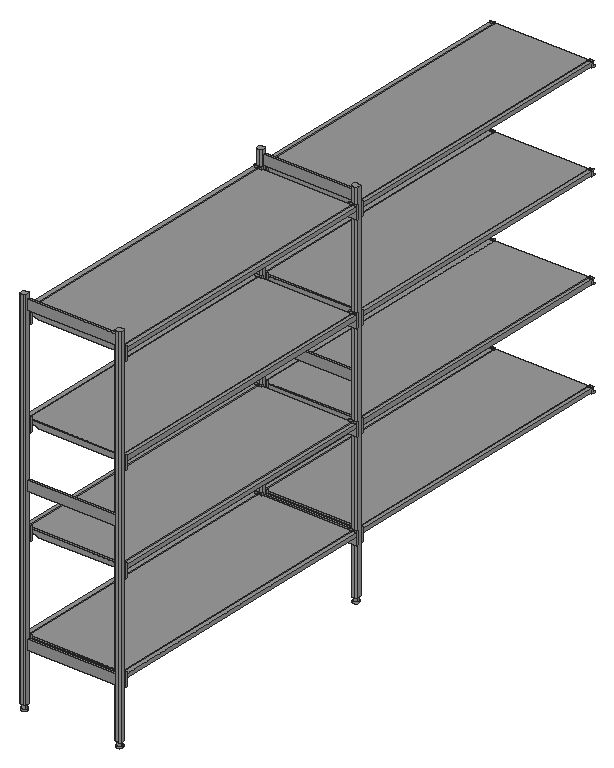
Revit family "QF_ELECTROLUXPROFESSIONAL_137088_CLS2728", category Attrezzature speciali, Revit 2020
Family settings
  Quota connettore circolare = Usa diametro
  Tipo di parte = Normale
  Basato su piano di lavoro = No
  Sempre verticale = Sì
  Taglio con vuoti quando caricato = No
  Condiviso = No
  Punto di calcolo locali = No
Parameters (values of type "Standard")
  Weight = 46.00 kg
  Watts = 0 W
  Volts = 0 V
  URL Manufacturer = "https://www.electroluxprofessional.com/"
  URL = "https://www.electroluxprofessional.com/"
  Steam Supply Size = 0 mm
  Steam Supply Minimum Pressure = 0.0 Pa
  Steam Supply Maximum Pressure = 0.0 Pa
  Steam Consumption per Hour = 0
  Refrigeration Suction Line Size = 0.0 mm
  Refrigeration Liquid Line Size = 0.0 mm
  Refrigerant Compressor Remote = yes
  Prospetto di default = 0.0 mm
  Phase = 0
  Modello = "CLS2728"
  Produttore = "Electrolux Professional"
  Length Actual = 2732.0 mm  # constant formula
  Item Number = "137088"
  Hot Water Size = 0 mm
  Height Actual = 1700.0 mm  # constant formula
  HP = "0 HP"
  Gas Size = 0 mm
  Gas KW = 0
  Gas Input Pressure = 0 W
  Direct Waste Size = 0 mm
  Descrizione = "ALUM.CORNER SHELV.-POLY.TIERS-475X2732MM"
  Depth Actual = 475.0 mm  # constant formula
  Cycle = 0 Hz
  Condensate Return Size = 0 mm
  Compressed Air Volume = 0.0 L/s
  Compressed Air Size = 0 mm
  Compressed Air Pressure = 0.0 Pa
  Cold Water Size = 0 mm
  Accessory = yes
Reference planes
  plane 1: z = 0
  plane 2 "CenterLeft": y = -535.5
  plane 3 "FRONT": y = -921.5
  plane 4 "LEFT": x = 192.5
  plane 5 "RIGHT": x = 667.5
  plane 6 "TOP": z = 1700
  plane 7: y = -889.5
  plane 8: y = 440.5
  plane 9 "Center (Left/Back)": x = 430
  plane 10: x = 256
  plane 11: x = 668
  plane 12 "FEET": z = 25
  plane 13: z = 275
  plane 14: z = 725
  plane 15: z = 1175
  plane 16: z = 1625
  plane 17 "CXLeft": y = -907.5
  plane 18 "Center (Front/Back)": y = 458.5
  plane 19 "CYFront": x = 510
  plane 20: y = 1806.5
  plane 21: y = 476.5
  plane 22 "BACK": y = 1810.5
  plane 23 "LEFT_ORIGIN": x = 158.5
  plane 24 "BACK_ORIGIN": y = 2285.5
Forms (mm)
  Extrusion 1, solid, material "QF_Aluminum"
    sketch origin (38.022, -921.5, -4.006) x (-1, 0, 0) y (0, 0, 1)
      loop
        line (-189.5, 1637.003) -> (-173.5, 1637.003) -> (-173.5, 1655) -> (-175.493, 1655) -> (-175.493, 1648.501) -> (-608.5, 1648.501) -> (-608.5, 1655) -> (-610.5, 1655) -> (-610.5, 1637.003) -> (-594.5, 1637.003) -> (-560.5, 1625) -> (-223.5, 1625) -> (-189.5, 1637.003)
      loop
        line (-189.5, 1187.003) -> (-173.5, 1187.003) -> (-173.5, 1205) -> (-175.493, 1205) -> (-175.493, 1198.501) -> (-608.5, 1198.501) -> (-608.5, 1205) -> (-610.5, 1205) -> (-610.5, 1187.003) -> (-594.5, 1187.003) -> (-560.5, 1175) -> (-223.5, 1175) -> (-189.5, 1187.003)
      loop
        line (-189.5, 737.003) -> (-173.5, 737.003) -> (-173.5, 755) -> (-175.493, 755) -> (-175.493, 748.501) -> (-608.5, 748.501) -> (-608.5, 755) -> (-610.5, 755) -> (-610.5, 737.003) -> (-594.5, 737.003) -> (-560.5, 725) -> (-223.5, 725) -> (-189.5, 737.003)
      loop
        line (-189.5, 287.003) -> (-173.5, 287.003) -> (-173.5, 305) -> (-175.493, 305) -> (-175.493, 298.501) -> (-608.5, 298.501) -> (-608.5, 305) -> (-610.5, 305) -> (-610.5, 287.003) -> (-594.5, 287.003) -> (-560.5, 275) -> (-223.5, 275) -> (-189.5, 287.003)
    from 37 to 32
  Extrusion 2, solid, material "QF_Aluminum"
    sketch origin (38.022, -921.5, 0) x (-1, 0, 0) y (0, 0, 1)
      loop
        line (-154.478, 246.005) -> (-154.478, 307.993) -> (-190.471, 307.993) -> (-190.471, 246.005) -> (-154.478, 246.005)
      loop
        line (-593.484, 246.005) -> (-593.484, 307.993) -> (-629.478, 307.993) -> (-629.478, 246.005) -> (-593.484, 246.005)
      loop
        line (-154.478, 696.005) -> (-154.478, 757.993) -> (-190.471, 757.993) -> (-190.471, 696.005) -> (-154.478, 696.005)
      loop
        line (-593.484, 696.005) -> (-593.484, 757.993) -> (-629.478, 757.993) -> (-629.478, 696.005) -> (-593.484, 696.005)
      loop
        line (-154.478, 1146.005) -> (-154.478, 1207.993) -> (-190.471, 1207.993) -> (-190.471, 1146.005) -> (-154.478, 1146.005)
      loop
        line (-593.484, 1146.005) -> (-593.484, 1207.993) -> (-629.478, 1207.993) -> (-629.478, 1146.005) -> (-593.484, 1146.005)
      loop
        line (-154.478, 1596.005) -> (-154.478, 1657.993) -> (-190.471, 1657.993) -> (-190.471, 1596.005) -> (-154.478, 1596.005)
      loop
        line (-593.484, 1596.005) -> (-593.484, 1657.993) -> (-629.478, 1657.993) -> (-629.478, 1596.005) -> (-593.484, 1596.005)
    from 28 to 32
  Extrusion 3, solid, material "QF_Aluminum"
    sketch origin (38.022, -921.5, 0) x (-1, 0, 0) y (0, 0, 1)
      loop
        line (-154.5, 1650.994) -> (-173.5, 1650.994) -> (-173.5, 1632.998) -> (-154.5, 1632.998) -> (-154.5, 1650.994)
      loop
        line (-154.5, 1200.994) -> (-173.5, 1200.994) -> (-173.5, 1182.998) -> (-154.5, 1182.998) -> (-154.5, 1200.994)
      loop
        line (-154.5, 750.994) -> (-173.5, 750.994) -> (-173.5, 732.998) -> (-154.5, 732.998) -> (-154.5, 750.994)
      loop
        line (-154.5, 300.994) -> (-173.5, 300.994) -> (-173.5, 282.998) -> (-154.5, 282.998) -> (-154.5, 300.994)
      loop
        line (-629.455, 1650.994) -> (-629.455, 1632.998) -> (-610.455, 1632.998) -> (-610.455, 1650.994) -> (-629.455, 1650.994)
      loop
        line (-629.455, 1200.994) -> (-629.455, 1182.998) -> (-610.455, 1182.998) -> (-610.455, 1200.994) -> (-629.455, 1200.994)
      loop
        line (-629.455, 750.994) -> (-629.455, 732.998) -> (-610.455, 732.998) -> (-610.455, 750.994) -> (-629.455, 750.994)
      loop
        line (-629.455, 300.994) -> (-629.455, 282.998) -> (-610.455, 282.998) -> (-610.455, 300.994) -> (-629.455, 300.994)
    from 32 to 1362
  Extrusion 4, solid, material "QF_Polyethylene"
    sketch origin (38.022, -921.5, 0) x (-1, 0, 0) y (0, 0, 1)
      loop
        line (-175.493, 1650.994) -> (-608.5, 1650.994) -> (-608.5, 1644.496) -> (-175.493, 1644.496) -> (-175.493, 1650.994)
      loop
        line (-175.493, 1200.994) -> (-608.5, 1200.994) -> (-608.5, 1194.496) -> (-175.493, 1194.496) -> (-175.493, 1200.994)
      loop
        line (-175.493, 750.994) -> (-608.5, 750.994) -> (-608.5, 744.496) -> (-175.493, 744.496) -> (-175.493, 750.994)
      loop
        line (-175.493, 300.994) -> (-608.5, 300.994) -> (-608.5, 294.496) -> (-175.493, 294.496) -> (-175.493, 300.994)
    from 32 to 1362
  Extrusion 5, solid, material "QF_Aluminum"
    sketch origin (38.022, 684.5, 0) x (-1, 0, 0) y (0, 0, 1)
      loop
        line (-154.5, 1650.994) -> (-173.5, 1650.994) -> (-173.5, 1632.998) -> (-154.5, 1632.998) -> (-154.5, 1650.994)
      loop
        line (-610.455, 1650.994) -> (-629.455, 1650.994) -> (-629.455, 1632.998) -> (-610.455, 1632.998) -> (-610.455, 1650.994)
      loop
        line (-154.5, 1200.994) -> (-173.5, 1200.994) -> (-173.5, 1182.998) -> (-154.5, 1182.998) -> (-154.5, 1200.994)
      loop
        line (-610.455, 1200.994) -> (-629.455, 1200.994) -> (-629.455, 1182.998) -> (-610.455, 1182.998) -> (-610.455, 1200.994)
      loop
        line (-154.5, 750.994) -> (-173.5, 750.994) -> (-173.5, 732.998) -> (-154.5, 732.998) -> (-154.5, 750.994)
      loop
        line (-610.455, 750.994) -> (-629.455, 750.994) -> (-629.455, 732.998) -> (-610.455, 732.998) -> (-610.455, 750.994)
      loop
        line (-154.5, 300.994) -> (-173.5, 300.994) -> (-173.5, 282.998) -> (-154.5, 282.998) -> (-154.5, 300.994)
      loop
        line (-610.455, 300.994) -> (-629.455, 300.994) -> (-629.455, 282.998) -> (-610.455, 282.998) -> (-610.455, 300.994)
    from 1122 to -208
  Extrusion 6, solid, material "QF_Polyethylene"
    sketch origin (38.022, 684.5, 0) x (-1, 0, 0) y (0, 0, 1)
      loop
        line (-175.493, 1650.994) -> (-608.5, 1650.994) -> (-608.5, 1644.496) -> (-175.493, 1644.496) -> (-175.493, 1650.994)
      loop
        line (-175.493, 1200.994) -> (-608.5, 1200.994) -> (-608.5, 1194.496) -> (-175.493, 1194.496) -> (-175.493, 1200.994)
      loop
        line (-175.493, 750.994) -> (-608.5, 750.994) -> (-608.5, 744.496) -> (-175.493, 744.496) -> (-175.493, 750.994)
      loop
        line (-175.493, 300.994) -> (-608.5, 300.994) -> (-608.5, 294.496) -> (-175.493, 294.496) -> (-175.493, 300.994)
    from 1122 to -208
Lines and regions (mm)
  symbolic lines
    curve 1: line (256, -912.5, 1700) -> (668, -912.5, 1700)
    curve 2: line (668, -902.5, 1700) -> (256, -902.5, 1700)
    curve 3: line (192.5, -893.5, 1700) -> (192.5, 444.5, 1700)
    curve 4: line (667.5, -889.5, 1700) -> (667.5, 440.5, 1700)
    curve 5: line (192.5, 472.5, 1700) -> (192.5, 1810.5, 1700)
    curve 6: line (667.5, 472.5, 1700) -> (667.5, 1810.5, 1700)
    curve 7: line (648.478, 440.5, 1700) -> (648.478, -889.5, 1700)
    curve 8: line (211.522, -889.5, 1700) -> (211.522, 440.5, 1700)
    curve 9: line (211.522, 476.5, 1700) -> (211.522, 1806.5, 1700)
    curve 10: line (648.478, 1806.5, 1700) -> (648.478, 476.5, 1700)
Dimensions and locks
  plane 3 "FRONT" to plane 2 "CenterLeft" = 386.0 mm
  locked: plane 6 "TOP" to level at 1700
  locked: plane 7 to plane 8 at 1330
  locked: plane 10 to plane 11 at 412
  plane 10 to plane 9 "Center (Left/Back)" to plane 11 = 174.0 mm, 238.0 mm
  equal spacing: plane 4 "LEFT", plane 9 "Center (Left/Back)", plane 5 "RIGHT"
  plane 12 "FEET" to level = 25.0 mm
  plane 6 "TOP" to plane 12 "FEET" = 1675.0 mm
  plane 13 to plane 12 "FEET" = 250.0 mm
  plane 14 to plane 13 = 450.0 mm
  plane 15 to plane 14 = 450.0 mm
  plane 16 to plane 15 = 450.0 mm
  locked: plane 21 to plane 20 at 1330
  locked: plane 8 to plane 18 "Center (Front/Back)" at 18
  locked: plane 18 "Center (Front/Back)" to plane 21 at 18
  locked: plane 3 "FRONT" to plane 7 at 32
  locked: plane 4 "LEFT" to plane 5 "RIGHT" at 475
  locked: plane 23 "LEFT_ORIGIN" to plane 5 "RIGHT" at 509
  locked: plane 22 "BACK" to plane 24 "BACK_ORIGIN" at 475
  locked: plane 22 "BACK" to plane 3 "FRONT" at 2732
  aligned and locked: level to plane 1
  aligned and locked: Extrusion 1 to plane 7
  aligned and locked: plane 7 to Extrusion 2
  aligned and locked: Extrusion 4 to plane 7
  aligned and locked: plane 8 to Extrusion 4
  aligned and locked: Extrusion 3 to plane 7
  aligned and locked: plane 8 to Extrusion 3
  aligned and locked: Extrusion 1 sketch curve to Extrusion 1 sketch curve  (x3)
  aligned and locked: Extrusion 5 sketch curve to Extrusion 5 sketch curve  (x2)
  aligned and locked: Extrusion 5 to plane 21  (x5)
  aligned and locked: Extrusion 6 to plane 21  (x5)
  aligned and locked: nested 2 to plane 18 "Center (Front/Back)"
  aligned and locked: plane 17 "CXLeft" to nested 1
  aligned and locked: plane 7 to Extrusion 3  (x3)
  aligned and locked: Extrusion 3 to plane 8  (x4)
  aligned and locked: Extrusion 4 to plane 8  (x4)
  aligned and locked: plane 20 to Extrusion 5
  aligned and locked: plane 20 to Extrusion 6
  aligned and locked: Extrusion 5 to plane 20  (x3)
  aligned and locked: Extrusion 6 to plane 20  (x3)
  aligned and locked: plane 9 "Center (Left/Back)" to nested 2
  aligned and locked: nested 3 to plane 22 "BACK"
Automatic sketch dimensions
  Extrusion 1 sketch curve to plane 19 "CYFront" = 138.522 mm  (x4)
  plane 11 to Extrusion 1 sketch curve = 35.478 mm  (x4)
  Extrusion 1 sketch curve to plane 13 = 4.006 mm
  Extrusion 1 sketch curve to Extrusion 1 sketch curve = 34.0 mm  (x4)
  Extrusion 1 sketch curve to plane 14 = 4.006 mm
  Extrusion 1 sketch curve to plane 15 = 4.006 mm
  Extrusion 1 sketch curve to plane 16 = 4.006 mm
  Extrusion 1 sketch curve to plane 10 = 5.522 mm  (x4)
  plane 10 to Extrusion 1 sketch curve = 28.478 mm  (x4)
  plane 13 to Extrusion 1 sketch curve = 7.998 mm  (x2)
  Extrusion 1 sketch curve to Extrusion 1 sketch curve = 11.498 mm  (x4)
  Extrusion 1 sketch curve to Extrusion 1 sketch curve = 6.499 mm  (x8)
  plane 14 to Extrusion 1 sketch curve = 7.998 mm  (x2)
  plane 15 to Extrusion 1 sketch curve = 7.998 mm  (x2)
  plane 16 to Extrusion 1 sketch curve = 7.998 mm  (x2)
  plane 5 "RIGHT" to Extrusion 2 sketch curve = 35.993 mm  (x4)
  Extrusion 2 sketch curve to plane 4 "LEFT" = 0.0 mm  (x4)
  plane 11 to Extrusion 2 sketch curve = 0.5 mm  (x4)
  plane 10 to Extrusion 2 sketch curve = 27.507 mm  (x4)
  Extrusion 2 sketch curve to plane 13 = 28.995 mm  (x2)
  plane 13 to Extrusion 2 sketch curve = 32.993 mm  (x2)
  Extrusion 2 sketch curve to plane 14 = 28.995 mm  (x2)
  plane 14 to Extrusion 2 sketch curve = 32.993 mm  (x2)
  Extrusion 2 sketch curve to plane 15 = 28.995 mm  (x2)
  plane 15 to Extrusion 2 sketch curve = 32.993 mm  (x2)
  Extrusion 2 sketch curve to plane 16 = 28.995 mm  (x2)
  plane 16 to Extrusion 2 sketch curve = 32.993 mm  (x2)
  plane 13 to Extrusion 4 sketch curve = 19.496 mm
  Extrusion 4 sketch curve to Extrusion 4 sketch curve = 6.499 mm  (x4)
  plane 14 to Extrusion 4 sketch curve = 19.496 mm
  plane 15 to Extrusion 4 sketch curve = 19.496 mm
  plane 16 to Extrusion 4 sketch curve = 19.496 mm
  plane 5 "RIGHT" to Extrusion 5 sketch curve = 0.022 mm  (x4)
  Extrusion 5 sketch curve to plane 4 "LEFT" = 19.022 mm  (x4)
  Extrusion 5 sketch curve to plane 19 "CYFront" = 138.478 mm  (x2)
  plane 13 to Extrusion 5 sketch curve = 7.998 mm  (x2)
  Extrusion 5 sketch curve to Extrusion 5 sketch curve = 17.997 mm  (x8)
  plane 14 to Extrusion 5 sketch curve = 7.998 mm  (x2)
  plane 15 to Extrusion 5 sketch curve = 7.998 mm  (x2)
  plane 16 to Extrusion 5 sketch curve = 7.998 mm  (x2)
  Extrusion 6 sketch curve to plane 19 "CYFront" = 136.522 mm  (x4)
  plane 13 to Extrusion 6 sketch curve = 19.496 mm
  Extrusion 6 sketch curve to Extrusion 6 sketch curve = 6.499 mm  (x4)
  plane 14 to Extrusion 6 sketch curve = 19.496 mm
  plane 15 to Extrusion 6 sketch curve = 19.496 mm
  plane 16 to Extrusion 6 sketch curve = 19.496 mm
  plane 5 "RIGHT" to Extrusion 3 sketch curve = 0.022 mm  (x4)
  Extrusion 3 sketch curve to Extrusion 3 sketch curve = 19.0 mm  (x4)
  plane 14 to Extrusion 3 sketch curve = 7.998 mm  (x2)
  plane 10 to Extrusion 3 sketch curve = 44.478 mm  (x4)
  Extrusion 3 sketch curve to plane 4 "LEFT" = 0.022 mm  (x4)
  plane 13 to Extrusion 3 sketch curve = 25.994 mm  (x2)
  plane 13 to Extrusion 3 sketch curve = 7.998 mm  (x2)
  Extrusion 3 sketch curve to Extrusion 3 sketch curve = 17.997 mm  (x6)
  plane 15 to Extrusion 3 sketch curve = 7.998 mm  (x2)
  plane 16 to Extrusion 3 sketch curve = 7.998 mm  (x2)
  plane 10 to Extrusion 1 sketch curve = 42.484 mm  (x4)
  plane 10 to Extrusion 1 sketch curve = 44.478 mm  (x2)
  Extrusion 1 sketch curve to Extrusion 1 sketch curve = 1.993 mm  (x2)
  plane 10 to Extrusion 4 sketch curve = 42.484 mm  (x4)
  Extrusion 5 sketch curve to plane 4 "LEFT" = 0.022 mm  (x4)
  plane 10 to Extrusion 6 sketch curve = 42.484 mm  (x4)
  Extrusion 1 sketch curve to Extrusion 1 sketch curve = 2.0 mm
  plane 5 "RIGHT" to Extrusion 4 sketch curve = 20.978 mm  (x4)
  curve 1 to plane 11 = 0.0 mm
  curve 1 to plane 10 = 0.0 mm
  curve 2 to plane 10 = 0.0 mm
  curve 2 to plane 11 = 0.0 mm
  curve 3 to plane 4 "LEFT" = 0.0 mm
  curve 4 to plane 5 "RIGHT" = 0.0 mm
  plane 7 to curve 4 = 0.0 mm
  plane 7 to curve 8 = 0.0 mm
  plane 8 to curve 8 = 0.0 mm
  plane 8 to curve 7 = 0.0 mm
  plane 8 to curve 4 = 0.0 mm
  curve 5 to plane 4 "LEFT" = 0.0 mm
  curve 6 to plane 5 "RIGHT" = 0.0 mm
  plane 20 to curve 9 = 0.0 mm
  plane 22 "BACK" to curve 5 = 0.0 mm
  plane 22 "BACK" to curve 6 = 0.0 mm
  plane 7 to curve 3 = 4.0 mm
  plane 17 "CXLeft" to curve 2 = 5.0 mm
  curve 1 to plane 17 "CXLeft" = 5.0 mm
  curve 3 to plane 8 = 4.0 mm
  curve 6 to plane 21 = 4.0 mm
  curve 9 to plane 4 "LEFT" = 19.022 mm
  curve 8 to plane 4 "LEFT" = 19.022 mm
  curve 9 to plane 21 = 0.0 mm
  plane 21 to curve 10 = 0.0 mm
  curve 5 to plane 21 = 4.0 mm
  plane 7 to curve 7 = 0.0 mm
  curve 4 to curve 7 = 19.022 mm
  plane 20 to curve 10 = 0.0 mm
  plane 5 "RIGHT" to curve 10 = 19.022 mm
Nested families
  nested 1: "WT_Anta475" at (215.5, -504.5, 0) x (0, 1, 0) z (0, 0, 1), type "WT_Anta475"
  nested 2: "WT_Anta475Center" at (215.5, 861.5, 0) x (0, 1, 0) z (0, 0, 1), type "WT_Anta475Center"
  nested 3: "WT_Aggancio475" at (215.5, 2218.5, 0) x (0, 1, 0) z (0, 0, 1), type "WT_Aggancio475"
Definition of nested family "WT_Anta475"
  Parameters
    WidthLeft = A + 64.0 mm  # 772.0 mm
    Width = 1606.0 mm
    Right = WidthLeft / 2  # 386.0 mm
    Default Elevation = 0.0 mm
    Left = -WidthLeft / 2  # -386.0 mm
    Height = 1725.0 mm
    FEET = 25.0 mm
    E = 0.0 mm
    Dint = Depth - 63.0 mm  # 412.0 mm
    Dext = Depth - 8.0 mm  # 467.0 mm
    Depth = 475.0 mm
    DX = (WidthLeft - A) / 2  # 32.0 mm
    B = 798.0 mm
    A = 708.0 mm
  Reference planes
    plane 1: z = 0
    plane 2 "LEFT": x = -417
    plane 3 "BACK": y = 23
    plane 4 "FRONT": y = -452
    plane 5 "TOP": z = 1725
    plane 6 "Center (Front/Back)": y = -214.5
    plane 7: y = -8.5
    plane 8: y = -420.5
    plane 9 "FEET": z = 25
    plane 10: z = 275
    plane 11: z = 725
    plane 12: z = 1175
    plane 13: z = 1625
    plane 14 "CXLeft": x = -403
    plane 15: y = 5.5
    plane 16 "CYBack": y = 5.5
    plane 17 "CYFront": y = -434.5
    plane 18: x = -385.031
    plane 19: x = -380.031
  Forms (mm)
    Extrusion 1, solid
      sketch origin (0, 0, 0) x (1, 0, 0) y (0, 1, 0)
        loop
          line (-417, 13.246) -> (-417, -2.246) -> (-410.746, -8.5) -> (-395.254, -8.5) -> (-389, -2.246) -> (-389, 13.246) -> (-395.254, 19.5) -> (-410.746, 19.5) -> (-417, 13.246)
      from 1725 to 25
    Extrusion 2, solid
      sketch origin (-417, 0, 0) x (0, 1, 0) y (0, 0, 1)
        loop
          line (23, 246.005) -> (23, 307.993) -> (-12.993, 307.993) -> (-12.993, 246.005) -> (23, 246.005)
        loop
          line (-452, 246.005) -> (-416.007, 246.005) -> (-416.007, 307.993) -> (-452, 307.993) -> (-452, 246.005)
        loop
          line (23, 696.005) -> (23, 757.993) -> (-12.993, 757.993) -> (-12.993, 696.005) -> (23, 696.005)
        loop
          line (-452, 696.005) -> (-416.007, 696.005) -> (-416.007, 757.993) -> (-452, 757.993) -> (-452, 696.005)
        loop
          line (23, 1146.005) -> (23, 1207.993) -> (-12.993, 1207.993) -> (-12.993, 1146.005) -> (23, 1146.005)
        loop
          line (-452, 1146.005) -> (-416.007, 1146.005) -> (-416.007, 1207.993) -> (-452, 1207.993) -> (-452, 1146.005)
        loop
          line (23, 1596.005) -> (23, 1657.993) -> (-12.993, 1657.993) -> (-12.993, 1596.005) -> (23, 1596.005)
        loop
          line (-452, 1596.005) -> (-416.007, 1596.005) -> (-416.007, 1657.993) -> (-452, 1657.993) -> (-452, 1596.005)
      from 28 to 32
    Revolve 3, solid
      sketch origin (-403, 0, 0) x (0, 1, 0) y (0, 0, 1)
        loop
          line (5.5, 25) -> (5.5, 0) -> (19, 0) -> (19, 5) -> (14, 5) -> (14, 25) -> (5.5, 25)
        axis (5.5, 25) -> (5.5, 0)
      angle from 0 to 360
    Extrusion 4, solid
      sketch origin (-403, 0, 0) x (0, 1, 0) y (0, 0, 1)
        loop
          line (-8.5, 912.382) -> (-8.5, 957.374) -> (-420.5, 957.374) -> (-420.5, 912.382) -> (-8.5, 912.382)
        loop
          line (-8.5, 1662.244) -> (-8.5, 1707.236) -> (-420.5, 1707.236) -> (-420.5, 1662.244) -> (-8.5, 1662.244)
      from -5 to 5
    Revolve 5, solid
      sketch origin (-403, -627, 0) x (0, -1, 0) y (0, 0, 1)
        loop
          line (-192.5, 25) -> (-192.5, 0) -> (-179, 0) -> (-179, 5) -> (-184, 5) -> (-184, 25) -> (-192.5, 25)
        axis (-192.5, 25) -> (-192.5, 0)
      angle from 0 to 360
    Extrusion 6, solid
      sketch origin (0, -627, 0) x (1, 0, 0) y (0, 1, 0)
        loop
          line (-417, 184.754) -> (-410.746, 178.5) -> (-395.254, 178.5) -> (-389, 184.754) -> (-389, 200.246) -> (-395.254, 206.5) -> (-410.746, 206.5) -> (-417, 200.246) -> (-417, 184.754)
      from 1725 to 25
    Extrusion 7, solid
      sketch origin (-417.031, -0.022, 0) x (0, 1, 0) y (0, 0, -1)
        loop
          line (-12, -1632.998) -> (-46, -1620.994) -> (-383, -1620.994) -> (-417, -1632.998) -> (-433, -1632.998) -> (-433, -1650.994) -> (-431, -1650.994) -> (-431, -1644.496) -> (2.007, -1644.496) -> (2.007, -1650.994) -> (4, -1650.994) -> (4, -1632.998) -> (-12, -1632.998)
        loop
          line (-12, -1182.998) -> (-46, -1170.994) -> (-383, -1170.994) -> (-417, -1182.998) -> (-433, -1182.998) -> (-433, -1200.994) -> (-431, -1200.994) -> (-431, -1194.496) -> (2.007, -1194.496) -> (2.007, -1200.994) -> (4, -1200.994) -> (4, -1182.998) -> (-12, -1182.998)
        loop
          line (-12, -732.998) -> (-46, -720.994) -> (-383, -720.994) -> (-417, -732.998) -> (-433, -732.998) -> (-433, -750.994) -> (-431, -750.994) -> (-431, -744.496) -> (2.007, -744.496) -> (2.007, -750.994) -> (4, -750.994) -> (4, -732.998) -> (-12, -732.998)
        loop
          line (-12, -282.998) -> (-46, -270.994) -> (-383, -270.994) -> (-417, -282.998) -> (-433, -282.998) -> (-433, -300.994) -> (-431, -300.994) -> (-431, -294.496) -> (2.007, -294.496) -> (2.007, -300.994) -> (4, -300.994) -> (4, -282.998) -> (-12, -282.998)
      from -32 to -37
    Extrusion 8, solid
      sketch origin (-403, 0, -659.878) x (0, 1, 0) y (0, 0, 1)
        loop
          line (-8.5, 912.382) -> (-8.5, 957.374) -> (-420.5, 957.374) -> (-420.5, 912.382) -> (-8.5, 912.382)
        loop
          line (-8.5, 1572.382) -> (-8.5, 1617.374) -> (-420.5, 1617.374) -> (-420.5, 1572.382) -> (-8.5, 1572.382)
        loop
          line (-8.5, 2322.382) -> (-8.5, 2367.374) -> (-420.5, 2367.374) -> (-420.5, 2322.382) -> (-8.5, 2322.382)
      from -5 to 5
  Lines and regions (mm)
    symbolic lines
      curve 1: line (-408, -8.5, 1725) -> (-408, -420.5, 1725)
      curve 2: line (-398, -420.5, 1725) -> (-398, -8.5, 1725)
      curve 3: line (-395.254, -8.5, 1725) -> (-410.746, -8.5, 1725)
      curve 4: line (-417, -2.246, 1725) -> (-410.746, -8.5, 1725)
      curve 5: line (-417, 13.246, 1725) -> (-417, -2.246, 1725)
      curve 6: line (-410.746, 19.5, 1725) -> (-417, 13.246, 1725)
      curve 7: line (-395.254, 19.5, 1725) -> (-410.746, 19.5, 1725)
      curve 8: line (-389, 13.246, 1725) -> (-395.254, 19.5, 1725)
      curve 9: line (-395.254, -8.5, 1725) -> (-389, -2.246, 1725)
      curve 10: line (-395.254, -420.5, 1725) -> (-410.746, -420.5, 1725)
      curve 11: line (-417, -426.754, 1725) -> (-410.746, -420.5, 1725)
      curve 12: line (-410.746, -448.5, 1725) -> (-417, -442.246, 1725)
      curve 13: line (-395.254, -448.5, 1725) -> (-410.746, -448.5, 1725)
      curve 14: line (-389, -442.246, 1725) -> (-395.254, -448.5, 1725)
      curve 15: line (-395.254, -420.5, 1725) -> (-389, -426.754, 1725)
      curve 16: line (-389, -452, 1725) -> (-389, -416.007, 1725)
      curve 17: line (-389, -416.007, 1725) -> (-385, -416.007, 1725)
      curve 18: line (-389, 23, 1725) -> (-389, -12.993, 1725)
      curve 19: line (-389, -12.993, 1725) -> (-385, -12.993, 1725)
      curve 20: line (-417, -426.754, 1725) -> (-417, -442.246, 1725)
      curve 21: line (-385, -452, 1725) -> (-385, -416.007, 1725)
      curve 22: line (-385, -452, 1725) -> (-389, -452, 1725)
      curve 23: line (-385, 23, 1725) -> (-389, 23, 1725)
      curve 24: line (-385, -12.993, 1725) -> (-385, 23, 1725)
      curve 25: line (-385.031, -13.016, 1725) -> (-385.031, -416.029, 1725)
  Dimensions and locks
    "Height": plane 5 "TOP" to level
    "Depth": plane 3 "BACK" to plane 4 "FRONT"
    "Dint": plane 7 to plane 8
    equal spacing: plane 7, plane 6 "Center (Front/Back)", plane 8
    equal spacing: plane 3 "BACK", plane 6 "Center (Front/Back)", plane 4 "FRONT"
    plane 9 "FEET" to level = 25.0 mm
    plane 5 "TOP" to plane 9 "FEET" = 1700.0 mm
    plane 10 to plane 9 "FEET" = 250.0 mm
    plane 11 to plane 10 = 450.0 mm
    plane 12 to plane 11 = 450.0 mm
    plane 13 to plane 12 = 450.0 mm
    locked: plane 2 "LEFT" to plane 14 "CXLeft" at 14
    locked: plane 3 "BACK" to plane 16 "CYBack" at 17.5
    locked: plane 17 "CYFront" to plane 4 "FRONT" at 17.5
    locked: Revolve 3 sketch curve to Revolve 3 sketch curve at 8.5
    locked: Revolve 3 sketch curve to plane 16 "CYBack" at 13.5
    locked: Revolve 5 sketch curve to Revolve 5 sketch curve at 8.5
    aligned and locked: level to plane 1
    aligned and locked: curve 20 to Extrusion 6
    aligned and locked: plane 5 "TOP" to Extrusion 1
    aligned and locked: plane 5 "TOP" to Extrusion 6
    aligned and locked: Extrusion 7 sketch curve to Extrusion 7 sketch curve  (x3)
  Automatic sketch dimensions
    curve 16 to plane 4 "FRONT" = 0.0 mm
    curve 11 to plane 8 = 0.0 mm
    curve 9 to plane 7 = 0.0 mm
    curve 5 to plane 2 "LEFT" = 0.0 mm
    curve 23 to plane 3 "BACK" = 0.0 mm
    plane 4 "FRONT" to curve 13 = 3.5 mm
    curve 20 to plane 17 "CYFront" = 7.746 mm
    curve 20 to plane 8 = 6.254 mm
    plane 8 to curve 16 = 4.493 mm
    curve 24 to plane 18 = 0.031 mm
    curve 24 to plane 7 = 4.493 mm
    plane 7 to curve 5 = 6.254 mm
    curve 5 to plane 15 = 7.746 mm
    curve 6 to plane 3 "BACK" = 3.5 mm
    curve 21 to plane 18 = 0.031 mm
    plane 18 to curve 23 = 3.969 mm
    plane 18 to curve 16 = 3.969 mm
    curve 18 to curve 8 = 6.254 mm
    curve 18 to curve 3 = 6.254 mm
    curve 16 to curve 13 = 6.254 mm
    curve 16 to curve 15 = 6.254 mm
    plane 2 "LEFT" to curve 10 = 6.254 mm
    plane 2 "LEFT" to curve 7 = 6.254 mm
    plane 2 "LEFT" to curve 12 = 6.254 mm
    plane 2 "LEFT" to curve 3 = 6.254 mm
    curve 14 to plane 17 "CYFront" = 7.746 mm
    curve 15 to plane 8 = 6.254 mm
    plane 7 to curve 9 = 6.254 mm
    curve 8 to plane 15 = 7.746 mm
    curve 3 to curve 2 = 2.746 mm
    curve 1 to curve 10 = 2.746 mm
    Extrusion 1 sketch curve to plane 2 "LEFT" = 0.0 mm
    Extrusion 1 sketch curve to plane 7 = 0.0 mm
    plane 2 "LEFT" to Extrusion 1 sketch curve = 6.254 mm  (x2)
    plane 14 "CXLeft" to Extrusion 1 sketch curve = 7.746 mm  (x2)
    Extrusion 1 sketch curve to plane 3 "BACK" = 3.5 mm
    plane 18 to Extrusion 1 sketch curve = 3.969 mm
    plane 7 to Extrusion 1 sketch curve = 6.254 mm  (x2)
    Extrusion 1 sketch curve to plane 15 = 7.746 mm  (x2)
    Extrusion 2 sketch curve to plane 4 "FRONT" = 0.0 mm  (x4)
    Extrusion 2 sketch curve to plane 3 "BACK" = 0.0 mm  (x4)
    plane 8 to Extrusion 2 sketch curve = 4.493 mm  (x4)
    Extrusion 2 sketch curve to plane 7 = 4.493 mm  (x4)
    Extrusion 2 sketch curve to plane 10 = 28.995 mm  (x2)
    plane 10 to Extrusion 2 sketch curve = 32.993 mm  (x2)
    Extrusion 2 sketch curve to plane 11 = 28.995 mm  (x2)
    plane 11 to Extrusion 2 sketch curve = 32.993 mm  (x2)
    Extrusion 2 sketch curve to plane 12 = 28.995 mm  (x2)
    plane 12 to Extrusion 2 sketch curve = 32.993 mm  (x2)
    Extrusion 2 sketch curve to plane 13 = 28.995 mm  (x2)
    plane 13 to Extrusion 2 sketch curve = 32.993 mm  (x2)
    Revolve 3 sketch curve to plane 9 "FEET" = 0.0 mm  (x2)
    Revolve 3 sketch curve to plane 15 = 0.0 mm  (x2)
    Revolve 3 sketch curve to level = 0.0 mm
    level to Revolve 3 sketch curve = 5.0 mm
    Revolve 3 sketch curve to Revolve 3 sketch curve = 11.655 mm
    Extrusion 4 sketch curve to plane 8 = 0.0 mm  (x2)
    Extrusion 4 sketch curve to plane 7 = 0.0 mm  (x2)
    plane 11 to Extrusion 4 sketch curve = 187.382 mm
    Extrusion 4 sketch curve to Extrusion 4 sketch curve = 44.992 mm
    plane 13 to Extrusion 4 sketch curve = 37.244 mm
    Extrusion 4 sketch curve to plane 5 "TOP" = 17.764 mm
    Revolve 5 sketch curve to plane 9 "FEET" = 0.0 mm  (x2)
    Revolve 5 sketch curve to plane 17 "CYFront" = 0.0 mm  (x2)
    Revolve 5 sketch curve to level = 0.0 mm
    Revolve 5 sketch curve to plane 4 "FRONT" = 4.0 mm
    Revolve 5 sketch curve to Revolve 5 sketch curve = 5.0 mm
    level to Revolve 5 sketch curve = 11.655 mm
    Extrusion 6 sketch curve to plane 2 "LEFT" = 0.0 mm
    Extrusion 6 sketch curve to plane 8 = 0.0 mm
    Extrusion 6 sketch curve to plane 2 "LEFT" = 6.254 mm  (x2)
    Extrusion 6 sketch curve to plane 14 "CXLeft" = 7.746 mm  (x2)
    Extrusion 6 sketch curve to plane 4 "FRONT" = 3.5 mm
    Extrusion 6 sketch curve to plane 18 = 3.969 mm
    plane 8 to Extrusion 6 sketch curve = 6.254 mm  (x2)
    plane 17 "CYFront" to Extrusion 6 sketch curve = 7.746 mm  (x2)
    plane 17 "CYFront" to Extrusion 7 sketch curve = 1.478 mm  (x4)
    Extrusion 7 sketch curve to Extrusion 7 sketch curve = 2.0 mm
    plane 8 to Extrusion 7 sketch curve = 3.478 mm  (x4)
    Extrusion 7 sketch curve to plane 10 = 4.006 mm
    Extrusion 7 sketch curve to Extrusion 7 sketch curve = 34.0 mm  (x4)
    Extrusion 7 sketch curve to plane 11 = 4.006 mm
    Extrusion 7 sketch curve to plane 12 = 4.006 mm
    Extrusion 7 sketch curve to plane 13 = 4.006 mm
    Extrusion 7 sketch curve to plane 7 = 37.522 mm  (x4)
    Extrusion 7 sketch curve to plane 7 = 3.522 mm  (x4)
    plane 15 to Extrusion 7 sketch curve = 3.516 mm  (x4)
    plane 15 to Extrusion 7 sketch curve = 1.522 mm  (x4)
    plane 13 to Extrusion 7 sketch curve = 7.998 mm  (x2)
    Extrusion 7 sketch curve to Extrusion 7 sketch curve = 11.498 mm
    Extrusion 7 sketch curve to Extrusion 7 sketch curve = 6.499 mm  (x5)
    plane 12 to Extrusion 7 sketch curve = 25.994 mm  (x2)
    plane 12 to Extrusion 7 sketch curve = 7.998 mm  (x2)
    plane 11 to Extrusion 7 sketch curve = 25.994 mm  (x2)
    plane 11 to Extrusion 7 sketch curve = 7.998 mm  (x2)
    plane 10 to Extrusion 7 sketch curve = 25.994 mm  (x2)
    plane 10 to Extrusion 7 sketch curve = 7.998 mm  (x2)
    curve 25 to plane 18 = 0.0 mm
    plane 8 to curve 25 = 4.471 mm
    curve 25 to plane 7 = 4.516 mm
    Extrusion 8 sketch curve to plane 8 = 0.0 mm  (x3)
    Extrusion 8 sketch curve to plane 7 = 0.0 mm  (x3)
    Extrusion 8 sketch curve to plane 10 = 22.496 mm
    plane 10 to Extrusion 8 sketch curve = 22.496 mm
    plane 11 to Extrusion 8 sketch curve = 187.504 mm
    Extrusion 8 sketch curve to Extrusion 8 sketch curve = 44.992 mm
    plane 13 to Extrusion 8 sketch curve = 37.504 mm
    Extrusion 8 sketch curve to plane 5 "TOP" = 17.504 mm
Definition of nested family "WT_Anta475Center"
  Parameters
    WidthLeft = A + 64.0 mm  # 772.0 mm
    Width = 1606.0 mm
    Right = WidthLeft / 2  # 386.0 mm
    Default Elevation = 0.0 mm
    Left = -WidthLeft / 2  # -386.0 mm
    Height = 1725.0 mm
    FEET = 25.0 mm
    E = 0.0 mm
    Dint = Depth - 63.0 mm  # 412.0 mm
    Dext = Depth - 8.0 mm  # 467.0 mm
    Depth = 475.0 mm
    DX = (WidthLeft - A) / 2  # 32.0 mm
    B = 798.0 mm
    A = 708.0 mm
  Reference planes
    plane 1: z = 0
    plane 2 "L": x = -417
    plane 3 "BACK": y = 23
    plane 4 "FRONT": y = -452
    plane 5 "TOP": z = 1725
    plane 6 "Center (Front/Back)": y = -214.5
    plane 7: y = -8.5
    plane 8: y = -420.5
    plane 9 "FEET": z = 25
    plane 10: z = 275
    plane 11: z = 725
    plane 12: z = 1175
    plane 13: z = 1625
    plane 14 "CXLeft": x = -403
    plane 15: y = 5.5
    plane 16 "CYBack": y = 5.5
    plane 17 "CYFront": y = -434.5
    plane 18: x = -385.031
    plane 19 "RIGHT": x = -380.031
    plane 20: x = -420.969
    plane 21 "LEFT": x = -425.969
  Forms (mm)
    Extrusion 1, solid
      sketch origin (0, 0, 0) x (1, 0, 0) y (0, 1, 0)
        loop
          line (-417, 13.246) -> (-417, -2.246) -> (-410.746, -8.5) -> (-395.254, -8.5) -> (-389, -2.246) -> (-389, 13.246) -> (-395.254, 19.5) -> (-410.746, 19.5) -> (-417, 13.246)
      from 1725 to 25
    Extrusion 2, solid
      sketch origin (-417, 0, 0) x (0, 1, 0) y (0, 0, 1)
        loop
          line (23, 246.005) -> (23, 307.993) -> (-12.993, 307.993) -> (-12.993, 246.005) -> (23, 246.005)
        loop
          line (-452, 246.005) -> (-416.007, 246.005) -> (-416.007, 307.993) -> (-452, 307.993) -> (-452, 246.005)
        loop
          line (23, 696.005) -> (23, 757.993) -> (-12.993, 757.993) -> (-12.993, 696.005) -> (23, 696.005)
        loop
          line (-452, 696.005) -> (-416.007, 696.005) -> (-416.007, 757.993) -> (-452, 757.993) -> (-452, 696.005)
        loop
          line (23, 1146.005) -> (23, 1207.993) -> (-12.993, 1207.993) -> (-12.993, 1146.005) -> (23, 1146.005)
        loop
          line (-452, 1146.005) -> (-416.007, 1146.005) -> (-416.007, 1207.993) -> (-452, 1207.993) -> (-452, 1146.005)
        loop
          line (23, 1596.005) -> (23, 1657.993) -> (-12.993, 1657.993) -> (-12.993, 1596.005) -> (23, 1596.005)
        loop
          line (-452, 1596.005) -> (-416.007, 1596.005) -> (-416.007, 1657.993) -> (-452, 1657.993) -> (-452, 1596.005)
      from 28 to 32
    Revolve 3, solid
      sketch origin (-403, 0, 0) x (0, 1, 0) y (0, 0, 1)
        loop
          line (5.5, 25) -> (5.5, 0) -> (19, 0) -> (19, 5) -> (14, 5) -> (14, 25) -> (5.5, 25)
        axis (5.5, 25) -> (5.5, 0)
      angle from 0 to 360
    Extrusion 4, solid
      sketch origin (-403, 0, 0) x (0, 1, 0) y (0, 0, 1)
        loop
          line (-8.5, 912.382) -> (-8.5, 957.374) -> (-420.5, 957.374) -> (-420.5, 912.382) -> (-8.5, 912.382)
        loop
          line (-8.5, 1662.244) -> (-8.5, 1707.236) -> (-420.5, 1707.236) -> (-420.5, 1662.244) -> (-8.5, 1662.244)
      from -5 to 5
    Revolve 5, solid
      sketch origin (-403, -627, 0) x (0, -1, 0) y (0, 0, 1)
        loop
          line (-192.5, 25) -> (-192.5, 0) -> (-179, 0) -> (-179, 5) -> (-184, 5) -> (-184, 25) -> (-192.5, 25)
        axis (-192.5, 25) -> (-192.5, 0)
      angle from 0 to 360
    Extrusion 6, solid
      sketch origin (0, -627, 0) x (1, 0, 0) y (0, 1, 0)
        loop
          line (-417, 184.754) -> (-410.746, 178.5) -> (-395.254, 178.5) -> (-389, 184.754) -> (-389, 200.246) -> (-395.254, 206.5) -> (-410.746, 206.5) -> (-417, 200.246) -> (-417, 184.754)
      from 1725 to 25
    Extrusion 7, solid
      sketch origin (-417.031, -0.022, 0) x (0, 1, 0) y (0, 0, -1)
        loop
          line (-12, -1632.998) -> (-46, -1620.994) -> (-383, -1620.994) -> (-417, -1632.998) -> (-433, -1632.998) -> (-433, -1650.994) -> (-431, -1650.994) -> (-431, -1644.496) -> (2.007, -1644.496) -> (2.007, -1650.994) -> (4, -1650.994) -> (4, -1632.998) -> (-12, -1632.998)
        loop
          line (-12, -1182.998) -> (-46, -1170.994) -> (-383, -1170.994) -> (-417, -1182.998) -> (-433, -1182.998) -> (-433, -1200.994) -> (-431, -1200.994) -> (-431, -1194.496) -> (2.007, -1194.496) -> (2.007, -1200.994) -> (4, -1200.994) -> (4, -1182.998) -> (-12, -1182.998)
        loop
          line (-12, -732.998) -> (-46, -720.994) -> (-383, -720.994) -> (-417, -732.998) -> (-433, -732.998) -> (-433, -750.994) -> (-431, -750.994) -> (-431, -744.496) -> (2.007, -744.496) -> (2.007, -750.994) -> (4, -750.994) -> (4, -732.998) -> (-12, -732.998)
        loop
          line (-12, -282.998) -> (-46, -270.994) -> (-383, -270.994) -> (-417, -282.998) -> (-433, -282.998) -> (-433, -300.994) -> (-431, -300.994) -> (-431, -294.496) -> (2.007, -294.496) -> (2.007, -300.994) -> (4, -300.994) -> (4, -282.998) -> (-12, -282.998)
      from -32 to -37
    Extrusion 8, solid
      sketch origin (-403, 0, -659.878) x (0, 1, 0) y (0, 0, 1)
        loop
          line (-8.5, 912.382) -> (-8.5, 957.374) -> (-420.5, 957.374) -> (-420.5, 912.382) -> (-8.5, 912.382)
        loop
          line (-8.5, 1572.382) -> (-8.5, 1617.374) -> (-420.5, 1617.374) -> (-420.5, 1572.382) -> (-8.5, 1572.382)
        loop
          line (-8.5, 2322.382) -> (-8.5, 2367.374) -> (-420.5, 2367.374) -> (-420.5, 2322.382) -> (-8.5, 2322.382)
      from -5 to 5
    Extrusion 9, solid
      sketch origin (-389, 0, 0) x (0, 1, 0) y (0, 0, -1)
        loop
          line (23, -246.005) -> (-12.993, -246.005) -> (-12.993, -307.993) -> (23, -307.993) -> (23, -246.005)
        loop
          line (-452, -246.005) -> (-452, -307.993) -> (-416.007, -307.993) -> (-416.007, -246.005) -> (-452, -246.005)
        loop
          line (23, -696.005) -> (-12.993, -696.005) -> (-12.993, -757.993) -> (23, -757.993) -> (23, -696.005)
        loop
          line (-452, -696.005) -> (-452, -757.993) -> (-416.007, -757.993) -> (-416.007, -696.005) -> (-452, -696.005)
        loop
          line (23, -1146.005) -> (-12.993, -1146.005) -> (-12.993, -1207.993) -> (23, -1207.993) -> (23, -1146.005)
        loop
          line (-452, -1146.005) -> (-452, -1207.993) -> (-416.007, -1207.993) -> (-416.007, -1146.005) -> (-452, -1146.005)
        loop
          line (23, -1596.005) -> (-12.993, -1596.005) -> (-12.993, -1657.993) -> (23, -1657.993) -> (23, -1596.005)
        loop
          line (-452, -1596.005) -> (-452, -1657.993) -> (-416.007, -1657.993) -> (-416.007, -1596.005) -> (-452, -1596.005)
      from 28 to 32
    Extrusion 10, solid
      sketch origin (-388.969, -0.022, 0) x (0, 1, 0) y (0, 0, 1)
        loop
          line (-12, 1632.998) -> (4, 1632.998) -> (4, 1650.994) -> (2.007, 1650.994) -> (2.007, 1644.496) -> (-431, 1644.496) -> (-431, 1650.994) -> (-433, 1650.994) -> (-433, 1632.998) -> (-417, 1632.998) -> (-383, 1620.994) -> (-46, 1620.994) -> (-12, 1632.998)
        loop
          line (-12, 1182.998) -> (4, 1182.998) -> (4, 1200.994) -> (2.007, 1200.994) -> (2.007, 1194.496) -> (-431, 1194.496) -> (-431, 1200.994) -> (-433, 1200.994) -> (-433, 1182.998) -> (-417, 1182.998) -> (-383, 1170.994) -> (-46, 1170.994) -> (-12, 1182.998)
        loop
          line (-12, 732.998) -> (4, 732.998) -> (4, 750.994) -> (2.007, 750.994) -> (2.007, 744.496) -> (-431, 744.496) -> (-431, 750.994) -> (-433, 750.994) -> (-433, 732.998) -> (-417, 732.998) -> (-383, 720.994) -> (-46, 720.994) -> (-12, 732.998)
        loop
          line (-12, 282.998) -> (4, 282.998) -> (4, 300.994) -> (2.007, 300.994) -> (2.007, 294.496) -> (-431, 294.496) -> (-431, 300.994) -> (-433, 300.994) -> (-433, 282.998) -> (-417, 282.998) -> (-383, 270.994) -> (-46, 270.994) -> (-12, 282.998)
      from -32 to -37
  Lines and regions (mm)
    symbolic lines
      curve 1: line (-408, -8.5, 1725) -> (-408, -420.5, 1725)
      curve 2: line (-398, -420.5, 1725) -> (-398, -8.5, 1725)
      curve 3: line (-395.254, -8.5, 1725) -> (-410.746, -8.5, 1725)
      curve 4: line (-417, -2.246, 1725) -> (-410.746, -8.5, 1725)
      curve 5: line (-410.746, 19.5, 1725) -> (-417, 13.246, 1725)
      curve 6: line (-395.254, 19.5, 1725) -> (-410.746, 19.5, 1725)
      curve 7: line (-389, 13.246, 1725) -> (-395.254, 19.5, 1725)
      curve 8: line (-395.254, -8.5, 1725) -> (-389, -2.246, 1725)
      curve 9: line (-395.254, -420.5, 1725) -> (-410.746, -420.5, 1725)
      curve 10: line (-417, -426.754, 1725) -> (-410.746, -420.5, 1725)
      curve 11: line (-410.746, -448.5, 1725) -> (-417, -442.246, 1725)
      curve 12: line (-395.254, -448.5, 1725) -> (-410.746, -448.5, 1725)
      curve 13: line (-389, -442.246, 1725) -> (-395.254, -448.5, 1725)
      curve 14: line (-395.254, -420.5, 1725) -> (-389, -426.754, 1725)
      curve 15: line (-389, -452, 1725) -> (-389, -416.007, 1725)
      curve 16: line (-389, -416.007, 1725) -> (-385, -416.007, 1725)
      curve 17: line (-389, 23, 1725) -> (-389, -12.993, 1725)
      curve 18: line (-389, -12.993, 1725) -> (-385, -12.993, 1725)
      curve 19: line (-385, -452, 1725) -> (-385, -416.007, 1725)
      curve 20: line (-385, -452, 1725) -> (-389, -452, 1725)
      curve 21: line (-385, 23, 1725) -> (-389, 23, 1725)
      curve 22: line (-385, -12.993, 1725) -> (-385, 23, 1725)
      curve 23: line (-385.031, -13.016, 1725) -> (-385.031, -416.029, 1725)
      curve 24: line (-417, -452, 1725) -> (-417, -416.007, 1725)
      curve 25: line (-417, -416.007, 1725) -> (-421, -416.007, 1725)
      curve 26: line (-417, 23, 1725) -> (-417, -12.993, 1725)
      curve 27: line (-417, -12.993, 1725) -> (-421, -12.993, 1725)
      curve 28: line (-421, -452, 1725) -> (-421, -416.007, 1725)
      curve 29: line (-421, -452, 1725) -> (-417, -452, 1725)
      curve 30: line (-421, 23, 1725) -> (-417, 23, 1725)
      curve 31: line (-421, -12.993, 1725) -> (-421, 23, 1725)
      curve 32: line (-420.969, -13.016, 1725) -> (-420.969, -416.029, 1725)
  Dimensions and locks
    "Height": plane 5 "TOP" to level
    "Depth": plane 3 "BACK" to plane 4 "FRONT"
    "Dint": plane 7 to plane 8
    equal spacing: plane 7, plane 6 "Center (Front/Back)", plane 8
    equal spacing: plane 3 "BACK", plane 6 "Center (Front/Back)", plane 4 "FRONT"
    plane 9 "FEET" to level = 25.0 mm
    plane 5 "TOP" to plane 9 "FEET" = 1700.0 mm
    plane 10 to plane 9 "FEET" = 250.0 mm
    plane 11 to plane 10 = 450.0 mm
    plane 12 to plane 11 = 450.0 mm
    plane 13 to plane 12 = 450.0 mm
    locked: plane 3 "BACK" to plane 16 "CYBack" at 17.5
    locked: plane 17 "CYFront" to plane 4 "FRONT" at 17.5
    locked: Revolve 3 sketch curve to Revolve 3 sketch curve at 8.5
    locked: Revolve 3 sketch curve to plane 16 "CYBack" at 13.5
    locked: Revolve 5 sketch curve to Revolve 5 sketch curve at 8.5
    aligned and locked: level to plane 1
    aligned and locked: plane 5 "TOP" to Extrusion 1
    aligned and locked: plane 5 "TOP" to Extrusion 6
    aligned and locked: Extrusion 7 sketch curve to Extrusion 7 sketch curve  (x3)
    aligned and locked: Extrusion 10 sketch curve to Extrusion 10 sketch curve  (x3)
  Automatic sketch dimensions
    curve 15 to plane 4 "FRONT" = 0.0 mm
    curve 28 to plane 4 "FRONT" = 0.0 mm
    curve 9 to plane 8 = 0.0 mm
    curve 25 to plane 2 "L" = 0.0 mm
    curve 8 to plane 7 = 0.0 mm
    curve 17 to plane 3 "BACK" = 0.0 mm
    curve 30 to plane 3 "BACK" = 0.0 mm
    plane 4 "FRONT" to curve 11 = 3.5 mm
    curve 19 to plane 18 = 0.031 mm
    plane 8 to curve 19 = 4.493 mm
    plane 8 to curve 25 = 4.493 mm
    curve 27 to plane 20 = 0.031 mm
    curve 27 to plane 7 = 4.493 mm
    curve 17 to plane 7 = 4.493 mm
    curve 5 to plane 15 = 7.746 mm
    curve 7 to plane 3 "BACK" = 3.5 mm
    curve 18 to plane 18 = 0.031 mm
    plane 18 to curve 21 = 3.969 mm
    plane 18 to curve 20 = 3.969 mm
    curve 15 to curve 9 = 6.254 mm
    curve 17 to curve 7 = 6.254 mm
    curve 17 to curve 3 = 6.254 mm
    curve 15 to curve 12 = 6.254 mm
    plane 2 "L" to curve 12 = 6.254 mm
    plane 2 "L" to curve 4 = 6.254 mm
    plane 2 "L" to curve 10 = 6.254 mm
    plane 2 "L" to curve 5 = 6.254 mm
    curve 28 to plane 20 = 0.031 mm
    curve 13 to plane 17 "CYFront" = 7.746 mm
    curve 14 to plane 8 = 6.254 mm
    plane 7 to curve 8 = 6.254 mm
    curve 7 to plane 15 = 7.746 mm
    curve 9 to curve 2 = 2.746 mm
    curve 1 to curve 9 = 2.746 mm
    Extrusion 1 sketch curve to plane 2 "L" = 0.0 mm
    Extrusion 1 sketch curve to plane 7 = 0.0 mm
    plane 2 "L" to Extrusion 1 sketch curve = 6.254 mm  (x2)
    plane 14 "CXLeft" to Extrusion 1 sketch curve = 7.746 mm  (x2)
    Extrusion 1 sketch curve to plane 3 "BACK" = 3.5 mm
    plane 18 to Extrusion 1 sketch curve = 3.969 mm
    plane 7 to Extrusion 1 sketch curve = 6.254 mm  (x2)
    Extrusion 1 sketch curve to plane 15 = 7.746 mm  (x2)
    Extrusion 2 sketch curve to plane 4 "FRONT" = 0.0 mm  (x4)
    Extrusion 2 sketch curve to plane 3 "BACK" = 0.0 mm  (x4)
    plane 8 to Extrusion 2 sketch curve = 4.493 mm  (x4)
    Extrusion 2 sketch curve to plane 7 = 4.493 mm  (x4)
    Extrusion 2 sketch curve to plane 10 = 28.995 mm  (x2)
    plane 10 to Extrusion 2 sketch curve = 32.993 mm  (x2)
    Extrusion 2 sketch curve to plane 11 = 28.995 mm  (x2)
    plane 11 to Extrusion 2 sketch curve = 32.993 mm  (x2)
    Extrusion 2 sketch curve to plane 12 = 28.995 mm  (x2)
    plane 12 to Extrusion 2 sketch curve = 32.993 mm  (x2)
    Extrusion 2 sketch curve to plane 13 = 28.995 mm  (x2)
    plane 13 to Extrusion 2 sketch curve = 32.993 mm  (x2)
    Revolve 3 sketch curve to plane 9 "FEET" = 0.0 mm  (x2)
    Revolve 3 sketch curve to plane 15 = 0.0 mm  (x2)
    Revolve 3 sketch curve to level = 0.0 mm
    level to Revolve 3 sketch curve = 5.0 mm
    Revolve 3 sketch curve to Revolve 3 sketch curve = 11.655 mm
    Extrusion 4 sketch curve to plane 8 = 0.0 mm  (x2)
    Extrusion 4 sketch curve to plane 7 = 0.0 mm  (x2)
    plane 11 to Extrusion 4 sketch curve = 187.382 mm
    Extrusion 4 sketch curve to Extrusion 4 sketch curve = 44.992 mm
    plane 13 to Extrusion 4 sketch curve = 37.244 mm
    Extrusion 4 sketch curve to plane 5 "TOP" = 17.764 mm
    Revolve 5 sketch curve to plane 9 "FEET" = 0.0 mm  (x2)
    Revolve 5 sketch curve to plane 17 "CYFront" = 0.0 mm  (x2)
    Revolve 5 sketch curve to level = 0.0 mm
    Revolve 5 sketch curve to plane 4 "FRONT" = 4.0 mm
    Revolve 5 sketch curve to Revolve 5 sketch curve = 5.0 mm
    level to Revolve 5 sketch curve = 11.655 mm
    Extrusion 6 sketch curve to plane 2 "L" = 0.0 mm
    Extrusion 6 sketch curve to plane 8 = 0.0 mm
    Extrusion 6 sketch curve to plane 2 "L" = 6.254 mm  (x2)
    Extrusion 6 sketch curve to plane 14 "CXLeft" = 7.746 mm  (x2)
    Extrusion 6 sketch curve to plane 4 "FRONT" = 3.5 mm
    Extrusion 6 sketch curve to plane 18 = 3.969 mm
    plane 8 to Extrusion 6 sketch curve = 6.254 mm  (x2)
    plane 17 "CYFront" to Extrusion 6 sketch curve = 7.746 mm  (x2)
    plane 17 "CYFront" to Extrusion 7 sketch curve = 1.478 mm  (x4)
    Extrusion 7 sketch curve to Extrusion 7 sketch curve = 2.0 mm
    plane 8 to Extrusion 7 sketch curve = 3.478 mm  (x4)
    Extrusion 7 sketch curve to plane 10 = 4.006 mm
    Extrusion 7 sketch curve to Extrusion 7 sketch curve = 34.0 mm  (x4)
    Extrusion 7 sketch curve to plane 11 = 4.006 mm
    Extrusion 7 sketch curve to plane 12 = 4.006 mm
    Extrusion 7 sketch curve to plane 13 = 4.006 mm
    Extrusion 7 sketch curve to plane 7 = 37.522 mm  (x4)
    Extrusion 7 sketch curve to plane 7 = 3.522 mm  (x4)
    plane 15 to Extrusion 7 sketch curve = 3.516 mm  (x4)
    plane 15 to Extrusion 7 sketch curve = 1.522 mm  (x4)
    plane 13 to Extrusion 7 sketch curve = 7.998 mm  (x2)
    Extrusion 7 sketch curve to Extrusion 7 sketch curve = 11.498 mm
    Extrusion 7 sketch curve to Extrusion 7 sketch curve = 6.499 mm  (x5)
    plane 12 to Extrusion 7 sketch curve = 25.994 mm  (x2)
    plane 12 to Extrusion 7 sketch curve = 7.998 mm  (x2)
    plane 11 to Extrusion 7 sketch curve = 25.994 mm  (x2)
    plane 11 to Extrusion 7 sketch curve = 7.998 mm  (x2)
    plane 10 to Extrusion 7 sketch curve = 25.994 mm  (x2)
    plane 10 to Extrusion 7 sketch curve = 7.998 mm  (x2)
    curve 23 to plane 18 = 0.0 mm
    curve 32 to plane 20 = 0.0 mm
    plane 8 to curve 23 = 4.471 mm
    plane 8 to curve 32 = 4.471 mm
    curve 32 to plane 7 = 4.516 mm
    curve 23 to plane 7 = 4.516 mm
    Extrusion 8 sketch curve to plane 8 = 0.0 mm  (x3)
    Extrusion 8 sketch curve to plane 7 = 0.0 mm  (x3)
    Extrusion 8 sketch curve to plane 10 = 22.496 mm
    plane 10 to Extrusion 8 sketch curve = 22.496 mm
    plane 11 to Extrusion 8 sketch curve = 187.504 mm
    Extrusion 8 sketch curve to Extrusion 8 sketch curve = 44.992 mm
    plane 13 to Extrusion 8 sketch curve = 37.504 mm
    Extrusion 8 sketch curve to plane 5 "TOP" = 17.504 mm
    Extrusion 9 sketch curve to plane 4 "FRONT" = 0.0 mm  (x4)
    Extrusion 9 sketch curve to plane 3 "BACK" = 0.0 mm  (x4)
    plane 8 to Extrusion 9 sketch curve = 4.493 mm  (x4)
    Extrusion 9 sketch curve to plane 7 = 4.493 mm  (x4)
    plane 13 to Extrusion 9 sketch curve = 32.993 mm  (x2)
    Extrusion 9 sketch curve to plane 13 = 28.995 mm  (x2)
    plane 12 to Extrusion 9 sketch curve = 32.993 mm  (x2)
    Extrusion 9 sketch curve to plane 12 = 28.995 mm  (x2)
    plane 11 to Extrusion 9 sketch curve = 32.993 mm  (x2)
    Extrusion 9 sketch curve to plane 11 = 28.995 mm  (x2)
    plane 10 to Extrusion 9 sketch curve = 32.993 mm  (x2)
    Extrusion 9 sketch curve to plane 10 = 28.995 mm  (x2)
    plane 17 "CYFront" to Extrusion 10 sketch curve = 1.478 mm  (x4)
    Extrusion 10 sketch curve to Extrusion 10 sketch curve = 2.0 mm
    plane 8 to Extrusion 10 sketch curve = 3.478 mm  (x4)
    Extrusion 10 sketch curve to plane 10 = 4.006 mm
    Extrusion 10 sketch curve to Extrusion 10 sketch curve = 34.0 mm  (x4)
    Extrusion 10 sketch curve to plane 11 = 4.006 mm
    Extrusion 10 sketch curve to plane 12 = 4.006 mm
    Extrusion 10 sketch curve to plane 13 = 4.006 mm
    Extrusion 10 sketch curve to plane 7 = 37.522 mm  (x4)
    Extrusion 10 sketch curve to plane 7 = 3.522 mm  (x4)
    plane 15 to Extrusion 10 sketch curve = 3.516 mm  (x4)
    plane 15 to Extrusion 10 sketch curve = 1.522 mm  (x4)
    plane 10 to Extrusion 10 sketch curve = 7.998 mm  (x2)
    Extrusion 10 sketch curve to Extrusion 10 sketch curve = 11.498 mm  (x4)
    Extrusion 10 sketch curve to Extrusion 10 sketch curve = 6.499 mm  (x8)
    plane 11 to Extrusion 10 sketch curve = 7.998 mm  (x2)
    plane 12 to Extrusion 10 sketch curve = 7.998 mm  (x2)
    plane 13 to Extrusion 10 sketch curve = 7.998 mm  (x2)
    curve 4 to plane 2 "L" = 0.0 mm
    plane 7 to curve 4 = 6.254 mm
    curve 11 to plane 17 "CYFront" = 7.746 mm
    curve 10 to plane 8 = 6.254 mm
Definition of nested family "WT_Aggancio475"
  Parameters
    WidthLeft = A + 64.0 mm  # 772.0 mm
    Width = 1606.0 mm
    Right = WidthLeft / 2  # 386.0 mm
    Default Elevation = 0.0 mm
    Left = -WidthLeft / 2  # -386.0 mm
    Height = 1725.0 mm
    FEET = 25.0 mm
    E = 0.0 mm
    Dint = Depth - 63.0 mm  # 412.0 mm
    Dext = Depth - 8.0 mm  # 467.0 mm
    Depth = 475.0 mm
    DX = (WidthLeft - A) / 2  # 32.0 mm
    B = 798.0 mm
    A = 708.0 mm
  Reference planes
    plane 1: z = 0
    plane 2 "LEFT": x = -417
    plane 3 "BACK": y = 23
    plane 4 "FRONT": y = -452
    plane 5 "TOP": z = 1725
    plane 6 "Center (Front/Back)": y = -214.5
    plane 7: y = -8.5
    plane 8: y = -420.5
    plane 9 "FEET": z = 25
    plane 10: z = 275
    plane 11: z = 725
    plane 12: z = 1175
    plane 13: z = 1625
    plane 14: y = 5.5
    plane 15 "CYBack": y = 5.5
    plane 16 "CYFront": y = -434.5
  Forms (mm)
    Extrusion 1, solid
      sketch origin (-380, -0.022, 0) x (0, 1, 0) y (0, 0, 1)
        loop
          line (-12, 1632.998) -> (4, 1632.998) -> (4, 1650.994) -> (2.007, 1650.994) -> (2.007, 1644.496) -> (-431, 1644.496) -> (-431, 1650.994) -> (-433, 1650.994) -> (-433, 1632.998) -> (-417, 1632.998) -> (-383, 1620.994) -> (-46, 1620.994) -> (-12, 1632.998)
        loop
          line (-12, 1182.998) -> (4, 1182.998) -> (4, 1200.994) -> (2.007, 1200.994) -> (2.007, 1194.496) -> (-431, 1194.496) -> (-431, 1200.994) -> (-433, 1200.994) -> (-433, 1182.998) -> (-417, 1182.998) -> (-383, 1170.994) -> (-46, 1170.994) -> (-12, 1182.998)
        loop
          line (-12, 732.998) -> (4, 732.998) -> (4, 750.994) -> (2.007, 750.994) -> (2.007, 744.496) -> (-431, 744.496) -> (-431, 750.994) -> (-433, 750.994) -> (-433, 732.998) -> (-417, 732.998) -> (-383, 720.994) -> (-46, 720.994) -> (-12, 732.998)
        loop
          line (-12, 282.998) -> (4, 282.998) -> (4, 300.994) -> (2.007, 300.994) -> (2.007, 294.496) -> (-431, 294.496) -> (-431, 300.994) -> (-433, 300.994) -> (-433, 282.998) -> (-417, 282.998) -> (-383, 270.994) -> (-46, 270.994) -> (-12, 282.998)
      from -32 to -37
    Extrusion 2, solid
      sketch origin (-793.062, -324.754, 6.5) x (1, 0, 0) y (0, 0, 1)
        loop
          line (385.062, 1644.496) -> (385.062, 1647.496) -> (376.062, 1647.496) -> (376.062, 1620.994) -> (390.031, 1620.994) -> (390.031, 1626.496) -> (381.062, 1626.496) -> (381.062, 1644.496) -> (385.062, 1644.496)
        loop
          line (385.062, 1194.496) -> (385.062, 1197.496) -> (376.062, 1197.496) -> (376.062, 1170.994) -> (390.031, 1170.994) -> (390.031, 1176.496) -> (381.062, 1176.496) -> (381.062, 1194.496) -> (385.062, 1194.496)
        loop
          line (385.062, 744.496) -> (385.062, 747.496) -> (376.062, 747.496) -> (376.062, 720.994) -> (390.031, 720.994) -> (390.031, 726.496) -> (381.062, 726.496) -> (381.062, 744.496) -> (385.062, 744.496)
        loop
          line (385.062, 294.496) -> (385.062, 297.496) -> (376.062, 297.496) -> (376.062, 270.994) -> (390.031, 270.994) -> (390.031, 276.496) -> (381.062, 276.496) -> (381.062, 294.496) -> (385.062, 294.496)
      from 108.268 to 127.246
    Extrusion 3, solid
      sketch origin (-793.062, 32.754, 6.5) x (1, 0, 0) y (0, 0, 1)
        loop
          line (385.062, 1644.496) -> (385.062, 1647.496) -> (376.062, 1647.496) -> (376.062, 1620.994) -> (390.031, 1620.994) -> (390.031, 1626.496) -> (381.062, 1626.496) -> (381.062, 1644.496) -> (385.062, 1644.496)
        loop
          line (385.062, 1194.496) -> (385.062, 1197.496) -> (376.062, 1197.496) -> (376.062, 1170.994) -> (390.031, 1170.994) -> (390.031, 1176.496) -> (381.062, 1176.496) -> (381.062, 1194.496) -> (385.062, 1194.496)
        loop
          line (385.062, 744.496) -> (385.062, 747.496) -> (376.062, 747.496) -> (376.062, 720.994) -> (390.031, 720.994) -> (390.031, 726.496) -> (381.062, 726.496) -> (381.062, 744.496) -> (385.062, 744.496)
        loop
          line (385.062, 294.496) -> (385.062, 297.496) -> (376.062, 297.496) -> (376.062, 270.994) -> (390.031, 270.994) -> (390.031, 276.496) -> (381.062, 276.496) -> (381.062, 294.496) -> (385.062, 294.496)
      from 9.754 to 28.776
  Lines and regions (mm)
    symbolic lines
      curve 1: line (-412, -452, 0) -> (-408, -452, 0)
      curve 2: line (-412, -433.022, 0) -> (-412, -452, 0)
      curve 3: line (-408, -433.022, 0) -> (-412, -433.022, 0)
      curve 4: line (-408, -452, 0) -> (-408, -433.022, 0)
      curve 5: line (-412, 3.978, 0) -> (-408, 3.978, 0)
      curve 6: line (-412, 23, 0) -> (-412, 3.978, 0)
      curve 7: line (-408, 23, 0) -> (-412, 23, 0)
      curve 8: line (-408, 3.978, 0) -> (-408, 23, 0)
  Dimensions and locks
    "Height": plane 5 "TOP" to level
